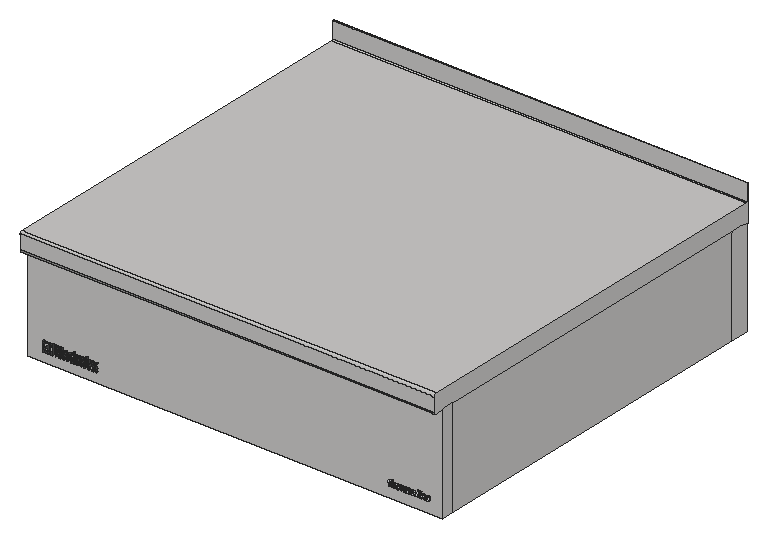
Revit family "QF_ELECTROLUXPROFESSIONAL_588568_MBNABBIOOO", category Attrezzature speciali, Revit 2020
Family settings
  Quota connettore circolare = Usa diametro
  Tipo di parte = Normale
  Basato su piano di lavoro = No
  Sempre verticale = Sì
  Taglio con vuoti quando caricato = No
  Condiviso = No
  Punto di calcolo locali = No
Parameters (values of type "Standard")
  Weight = 27.00 kg
  Watts = 0 W
  Volts = 0 V
  URL Manufacturer = "https://www.electroluxprofessional.com/"
  URL = "https://www.electroluxprofessional.com/"
  Steam Supply Size = 0"
  Steam Supply Minimum Pressure = 0.00 psi
  Steam Supply Maximum Pressure = 0.00 psi
  Steam Consumption per Hour = 0
  Refrigeration Suction Line Size = 0 mm
  Refrigeration Liquid Line Size = 0 mm
  Refrigerant Compressor Remote = yes
  Prospetto di default = 0 mm
  Phase = 0
  Modello = "MBNABBIOOO"
  Produttore = "Electrolux Professional"
  Length Actual = 900 mm  # constant formula
  Item Number = "588568"
  Hot Water Size = 0"
  Height Actual = 250 mm  # constant formula
  HP = "0 HP"
  Gas Size = 0"
  Gas KW = 0
  Gas Input Pressure = 0.0 Btu/h
  Direct Waste Size = 0"
  Descrizione = "WORK TOP,CLOSED,1-S,BACKSPL,900X850X250H"
  Depth Actual = 850 mm  # constant formula
  Cycle = 0 Hz
  Condensate Return Size = 0"
  Compressed Air Volume = 0 GPM
  Compressed Air Size = 0"
  Compressed Air Pressure = 0.00 psi
  Cold Water Size = 0"
  Accessory = yes
Reference planes
  plane 1 "BACK": y = 0
  plane 2: z = 0
  plane 3 "LEFT": x = 0
  plane 4 "RIGHT": x = 900
  plane 5 "FRONT": y = -850
  plane 6 "PLAIN": z = 900
  plane 7 "Center (Left/Right)": x = 450
  plane 8 "Center (Front/Back)": y = -425
  plane 9 "Grill": z = 888
  plane 10 "BASE": z = 650
  plane 11 "TOP": z = 938
  plane 12: x = 785
  plane 13: x = 35
Forms (mm)
  Extrusion 1, solid, material "QF_Finishes_Stainless Steel"
    sketch origin (0, 0, 650) x (0, 1, 0) y (0, 0, 1)
      loop
        line (0, 288) -> (-2, 288) -> (-2, 252)
        arc (-2, 252) -> (-2.586, 250.586) -> (-4, 250) r 2
        line (-4, 250) -> (-845, 250)
        arc (-845, 250) -> (-848.536, 248.536) -> (-850, 245) r 5
        line (-850, 245) -> (-850, 214)
        arc (-850, 214) -> (-848.571, 210.936) -> (-845.305, 210.061) r 4
        line (-845.305, 210.061) -> (-830, 212.969) -> (-20, 212.969) -> (-4.695, 210.061)
        arc (-4.695, 210.061) -> (-1.429, 210.936) -> (0, 214) r 4
        line (0, 214) -> (0, 288)
    from 0 to 900
  Extrusion 2, solid, material "QF_Finishes_Stainless Steel"
    sketch origin (450, 296.4, 1869.2) x (0, 1, 0) y (0, 0, 1)
      loop
        line (-299.4, -1009.461) -> (-316.4, -1006.231) -> (-341.4, -1006.231) -> (-341.4, -1219.2) -> (-299.4, -1219.2) -> (-299.4, -1009.461)
    from -450 to 450
  Extrusion 3, solid, material "QF_Finishes_Stainless Steel"
    sketch origin (0, 0, 650) x (0, 1, 0) y (0, 0, 1)
      loop
        line (-45, 212.969) -> (-805, 212.969) -> (-805, 0) -> (-45, 0) -> (-45, 212.969)
    from 0 to 900
  Extrusion 4, solid, material "QF_Finishes_Stainless Steel"
    sketch origin (0, 0, 0) x (0, 1, 0) y (0, 0, 1)
      loop
        line (-805, 862.969) -> (-830, 862.969) -> (-830, 650) -> (-805, 650) -> (-805, 862.969)
    from 0 to 900
Lines and regions (mm)
  symbolic lines
    curve 1: line (0, -850, 0) -> (0, 0, 0)
    curve 2: line (0, -850, 888) -> (900, -850, 888)
    curve 3: line (900, 0, 888) -> (0, 0, 888)
    curve 4: line (900, -850, 888) -> (900, 0, 888)
    curve 5: line (900, -2, 888) -> (0, -2, 888)
Dimensions and locks
  plane 3 "LEFT" to plane 4 "RIGHT" = 900 mm
  plane 5 "FRONT" to plane 1 "BACK" = 850 mm
  equal spacing: plane 3 "LEFT", plane 7 "Center (Left/Right)", plane 4 "RIGHT"
  equal spacing: plane 5 "FRONT", plane 8 "Center (Front/Back)", plane 1 "BACK"
  locked: plane 6 "PLAIN" to level at 900
  plane 6 "PLAIN" to plane 10 "BASE" = 250 mm
  plane 11 "TOP" to plane 6 "PLAIN" = 38 mm
  locked: plane 12 to plane 4 "RIGHT" at 115
  plane 13 to plane 3 "LEFT" = 35 mm
  aligned and locked: level to plane 2
  aligned and locked: Extrusion 4 to plane 3 "LEFT"
  aligned and locked: Extrusion 4 to plane 4 "RIGHT"
  aligned and locked: plane 3 "LEFT" to Extrusion 2
  aligned and locked: Extrusion 2 to plane 4 "RIGHT"
  aligned and locked: Extrusion 3 to plane 4 "RIGHT"
  aligned and locked: Extrusion 3 to plane 3 "LEFT"
  aligned and locked: Extrusion 1 to plane 3 "LEFT"
  aligned and locked: Extrusion 1 to plane 4 "RIGHT"
  aligned and locked: nested 1 to plane 12
Automatic sketch dimensions
  plane 1 "BACK" to curve 1 = 0 mm
  curve 1 to plane 3 "LEFT" = 0 mm
  plane 5 "FRONT" to curve 1 = 0 mm
  Extrusion 1 sketch curve to plane 5 "FRONT" = 0 mm
  Extrusion 1 sketch curve to plane 6 "PLAIN" = 0 mm
  Extrusion 1 sketch curve to plane 11 "TOP" = 0 mm
  Extrusion 1 sketch curve to plane 1 "BACK" = 0 mm
  Extrusion 1 sketch curve to Extrusion 1 sketch curve = 4 mm
  Extrusion 1 sketch curve to Extrusion 1 sketch curve = 0.695 mm
  Extrusion 1 sketch curve to Extrusion 1 sketch curve = 5 mm
  Extrusion 1 sketch curve to Extrusion 1 sketch curve = 15.305 mm
  plane 1 "BACK" to Extrusion 1 sketch curve = 20 mm
  plane 1 "BACK" to Extrusion 1 sketch curve = 4.695 mm
  plane 1 "BACK" to Extrusion 1 sketch curve = 4 mm  (x2)
  plane 1 "BACK" to Extrusion 1 sketch curve = 2 mm
  Extrusion 1 sketch curve to plane 9 "Grill" = 24 mm  (x2)
  Extrusion 1 sketch curve to Extrusion 1 sketch curve = 2.909 mm
  Extrusion 2 sketch curve to plane 10 "BASE" = 0 mm
  plane 1 "BACK" to Extrusion 2 sketch curve = 45 mm
  plane 1 "BACK" to Extrusion 2 sketch curve = 20 mm
  plane 1 "BACK" to Extrusion 2 sketch curve = 3 mm
  Extrusion 2 sketch curve to plane 9 "Grill" = 28.261 mm
  Extrusion 2 sketch curve to plane 9 "Grill" = 25.031 mm
  Extrusion 3 sketch curve to plane 10 "BASE" = 0 mm
  Extrusion 3 sketch curve to plane 5 "FRONT" = 45 mm
  plane 1 "BACK" to Extrusion 3 sketch curve = 45 mm
  Extrusion 3 sketch curve to plane 9 "Grill" = 25.031 mm
  curve 2 to plane 4 "RIGHT" = 0 mm
  plane 5 "FRONT" to curve 2 = 0 mm
  curve 5 to plane 3 "LEFT" = 0 mm
  plane 1 "BACK" to curve 4 = 0 mm
  curve 3 to plane 3 "LEFT" = 0 mm
  curve 2 to plane 3 "LEFT" = 0 mm
  curve 5 to curve 3 = 2 mm
  Extrusion 4 sketch curve to plane 10 "BASE" = 0 mm
  Extrusion 4 sketch curve to plane 5 "FRONT" = 20 mm
  Extrusion 4 sketch curve to Extrusion 4 sketch curve = 25 mm
  Extrusion 4 sketch curve to plane 9 "Grill" = 25.031 mm
Nested families
  nested 1: "ELX_ThermaLine_Small" at (824.867, -830, 680) x (1, 0, 0) z (0, -1, 0), type "ELX_ThermaLine_Small"
    with Show Logo yes, Material_Logo QF_Finishes_Black
  nested 2: "ELX_Professional_Logo_Small" at (94.486, -830, 682.232) x (1, 0, 0) z (0, -1, 0), type "ELX_Professional_Logo_Small"
    with Show Logo yes, Material_Logo QF_Finishes_Black
Definition of nested family "ELX_ThermaLine_Small"
  Parameters
    Show Logo [instance] = yes
    Material_Logo [instance] = none
    Default Elevation = 0 mm
  Reference planes
    plane 1 "Centro (Fronte/Retro)": y = 0
    plane 2: z = 0
    plane 3 "Centro (Sinistra/Destra)": x = 0
  Forms (mm)
    Extrusion 1, solid
      sketch origin (0, 0, 0) x (1, 0, 0) y (0, 1, 0)
        loop
          line (-1219.2, 1219.2) -> (-1219.2, -1219.2) -> (1219.2, -1219.2) -> (1219.2, 1219.2) -> (-1219.2, 1219.2)
      from 0 to -304.8
    Extrusion 2, solid
      sketch origin (0, 0, 0) x (1, 0, 0) y (0, 1, 0)
        loop
          line (-37.494, 1.229) -> (-35.908, 1.229) -> (-35.908, 3.066) -> (-37.494, 3.066) -> (-37.494, 6.221) -> (-39.867, 4.881) -> (-39.867, 3.066) -> (-40.969, 3.066) -> (-40.969, 1.229) -> (-39.867, 1.229) -> (-39.867, -3.407)
          arc (-39.867, -3.407) -> (-38.982, -5.513) -> (-36.751, -6.001) r 2.478
          line (-36.751, -6.001) -> (-35.638, -5.7) -> (-35.9, -3.835) -> (-36.661, -4.039)
          arc (-36.661, -4.039) -> (-37.236, -3.924) -> (-37.494, -3.399) r 0.662
          line (-37.494, -3.399) -> (-37.494, 1.229)
        loop
          line (-34.242, 6.539) -> (-34.242, -5.848) -> (-31.854, -5.848) -> (-31.854, -0.078)
          arc (-31.854, -0.078) -> (-30.939, 1.249) -> (-29.33, 1.367) r 1.866
          arc (-29.33, 1.367) -> (-28.695, 0.768) -> (-28.461, -0.073) r 1.627
          line (-28.461, -0.073) -> (-28.461, -5.848) -> (-26.086, -5.848) -> (-26.064, -0.46)
          arc (-26.064, -0.46) -> (-26.261, 0.932) -> (-26.786, 2.237) r 5.825
          arc (-26.786, 2.237) -> (-29.381, 3.264) -> (-31.854, 1.971) r 3.353
          line (-31.854, 1.971) -> (-31.854, 6.539) -> (-34.242, 6.539)
        loop
          arc (-18.398, -0.598) -> (-18.893, 0.879) -> (-20.326, 1.487) r 1.897
          arc (-20.326, 1.487) -> (-21.461, 0.708) -> (-21.897, -0.598) r 2.164
          line (-21.897, -0.598) -> (-18.398, -0.598)
        loop
          arc (-16.021, -2.044) -> (-16.754, 1.227) -> (-19.444, 3.226) r 4.814
          arc (-19.444, 3.226) -> (-22.137, 2.788) -> (-23.943, 0.743) r 4.054
          arc (-23.943, 0.743) -> (-24.382, -1.249) -> (-24.162, -3.276) r 6.289
          arc (-24.162, -3.276) -> (-23.302, -4.71) -> (-21.958, -5.705) r 4.28
          arc (-21.958, -5.705) -> (-18.558, -5.814) -> (-16.152, -3.409) r 4.28
          line (-16.152, -3.409) -> (-18.5, -2.995)
          arc (-18.5, -2.995) -> (-19.273, -3.994) -> (-20.533, -4.076) r 1.536
          arc (-20.533, -4.076) -> (-21.56, -3.281) -> (-21.958, -2.044) r 2.197
          line (-21.958, -2.044) -> (-16.021, -2.044)
        loop
          line (-14.165, -5.848) -> (-11.819, -5.848) -> (-11.819, -2.138)
          arc (-11.819, -2.138) -> (-11.787, -1.156) -> (-11.637, -0.185) r 8.18
          arc (-11.637, -0.185) -> (-10.644, 0.972) -> (-9.132, 0.776) r 1.603
          line (-9.132, 0.776) -> (-8.419, 2.846)
          arc (-8.419, 2.846) -> (-10.432, 3.118) -> (-11.994, 1.821) r 2.527
          line (-11.994, 1.821) -> (-11.994, 3.094) -> (-14.165, 3.094) -> (-14.165, -5.848)
        loop
          line (-7.579, 3.094) -> (-7.579, -5.848) -> (-5.178, -5.848) -> (-5.178, -0.756)
          arc (-5.178, -0.756) -> (-4.727, 0.679) -> (-3.417, 1.419) r 2.05
          arc (-3.417, 1.419) -> (-2.499, 0.908) -> (-2.155, -0.085) r 1.471
          line (-2.155, -0.085) -> (-2.155, -5.848) -> (0.23, -5.848) -> (0.23, -1.001)
          arc (0.23, -1.001) -> (0.47, 0.127) -> (1.148, 1.061) r 2.775
          arc (1.148, 1.061) -> (2.225, 1.329) -> (3.05, 0.587) r 1.182
          arc (3.05, 0.587) -> (3.199, -0.019) -> (3.214, -0.642) r 2.894
          line (3.214, -0.642) -> (3.214, -5.848) -> (5.601, -5.848) -> (5.601, 0.261)
          arc (5.601, 0.261) -> (4.87, 2.263) -> (2.976, 3.241) r 2.932
          arc (2.976, 3.241) -> (1.284, 2.973) -> (-0.047, 1.896) r 3.309
          arc (-0.047, 1.896) -> (-1.116, 2.865) -> (-2.506, 3.258) r 3.16
          arc (-2.506, 3.258) -> (-4.105, 2.942) -> (-5.376, 1.92) r 3.419
          line (-5.376, 1.92) -> (-5.376, 3.094) -> (-7.579, 3.094)
        loop
          line (7.583, 0.738) -> (9.702, 0.364)
          arc (9.702, 0.364) -> (11.441, 1.492) -> (12.855, -0.023) r 1.613
          line (12.855, -0.023) -> (9.782, -0.789)
          arc (9.782, -0.789) -> (8.559, -1.346) -> (7.617, -2.305) r 3.687
          arc (7.617, -2.305) -> (7.499, -3.681) -> (7.901, -5.003) r 3.651
          arc (7.901, -5.003) -> (9.107, -5.766) -> (10.515, -6.006) r 3.635
          arc (10.515, -6.006) -> (11.898, -5.697) -> (13.067, -4.895) r 3.734
          line (13.067, -4.895) -> (13.376, -5.848) -> (15.75, -5.848) -> (15.212, -4.193) -> (15.212, 0.38)
          arc (15.212, 0.38) -> (14.897, 1.849) -> (13.818, 2.895) r 2.585
          arc (13.818, 2.895) -> (11.792, 3.442) -> (9.719, 3.11) r 5.005
          arc (9.719, 3.11) -> (8.369, 2.178) -> (7.583, 0.738) r 3.54
        loop
          line (19.723, -5.848) -> (22.233, -5.848) -> (24.854, 6.484) -> (22.345, 6.484) -> (19.723, -5.848)
        loop
          line (24.583, -5.848) -> (26.953, -5.848) -> (28.848, 3.066) -> (26.478, 3.066) -> (24.583, -5.848)
        loop
          line (27.204, 6.484) -> (26.741, 4.305) -> (29.111, 4.305) -> (29.575, 6.484) -> (27.204, 6.484)
        loop
          line (29.355, -5.848) -> (31.849, -5.848) -> (33.098, 0.028)
          arc (33.098, 0.028) -> (34.169, 1.306) -> (35.832, 1.422) r 2.132
          arc (35.832, 1.422) -> (36.324, 0.752) -> (36.383, -0.078) r 1.5
          line (36.383, -0.078) -> (35.157, -5.848) -> (37.536, -5.848) -> (38.936, 0.738)
          arc (38.936, 0.738) -> (38.775, 2.091) -> (37.825, 3.066) r 2.118
          arc (37.825, 3.066) -> (35.392, 3.175) -> (33.295, 1.937) r 4.271
          line (33.295, 1.937) -> (33.535, 3.066) -> (31.25, 3.066) -> (29.355, -5.848)
        loop
          line (42.792, -0.64) -> (46.589, -0.64)
          arc (46.589, -0.64) -> (46.639, 0.124) -> (46.327, 0.823) r 1.589
          arc (46.327, 0.823) -> (45.117, 1.521) -> (43.762, 1.183) r 1.865
          arc (43.762, 1.183) -> (43.141, 0.344) -> (42.792, -0.64) r 3.538
        loop
          line (42.565, -2.138) -> (48.593, -2.138)
          arc (48.593, -2.138) -> (48.58, 0.597) -> (46.983, 2.818) r 4.494
          arc (46.983, 2.818) -> (44.191, 3.28) -> (41.725, 1.891) r 4.26
          arc (41.725, 1.891) -> (40.503, -0.3) -> (40.284, -2.799) r 6.003
          arc (40.284, -2.799) -> (40.959, -4.468) -> (42.377, -5.576) r 3.482
          arc (42.377, -5.576) -> (44.265, -5.961) -> (46.152, -5.576) r 4.823
          arc (46.152, -5.576) -> (47.432, -4.731) -> (48.328, -3.485) r 4.245
          line (48.328, -3.485) -> (46.168, -3.105)
          arc (46.168, -3.105) -> (45.214, -4.072) -> (43.859, -4.181) r 1.953
          arc (43.859, -4.181) -> (42.821, -3.408) -> (42.565, -2.138) r 1.81
        loop
          line (12.868, -1.553) -> (10.216, -2.214)
          arc (10.216, -2.214) -> (9.747, -3.136) -> (10.216, -4.058) r 1.14
          arc (10.216, -4.058) -> (11.537, -4.249) -> (12.614, -3.46) r 1.763
          arc (12.614, -3.46) -> (12.858, -2.522) -> (12.868, -1.553) r 3.97
      from 0 to 1.6
  Dimensions and locks
    aligned and locked: plane 2 to Extrusion 1
    aligned and locked: level to Extrusion 1
Definition of nested family "ELX_Professional_Logo_Small"
  Parameters
    Show Logo [instance] = yes
    Material_Logo [instance] = none
    Default Elevation = 0 mm
  Reference planes
    plane 1 "Centro (Fronte/Retro)": y = 0
    plane 2: z = 0
    plane 3 "Centro (Sinistra/Destra)": x = 0
  Forms (mm)
    Extrusion 1, solid
      sketch origin (0, 0, 0) x (1, 0, 0) y (0, 1, 0)
        loop
          line (-1219.2, 1219.2) -> (-1219.2, -1219.2) -> (1219.2, -1219.2) -> (1219.2, 1219.2) -> (-1219.2, 1219.2)
      from 0 to -304.8
    Extrusion 2, solid, material <- "Material_Logo"
      sketch origin (15.5, 0, 0) x (1, 0, 0) y (0, 1, 0)
        loop
          spline (-42.99, -1.24) -> (-43.195, -1.231) -> (-43.415, -1.203) -> (-43.642, -1.152) -> (-43.87, -1.074) -> (-44.095, -0.966) -> (-44.309, -0.825) -> (-44.506, -0.647) -> (-44.681, -0.429) -> (-44.828, -0.167) -> (-44.94, 0.142) -> (-45.011, 0.501) -> (-45.037, 0.915)
          line (-45.037, 0.915) -> (-45.037, 2.748) -> (-38.984, 2.748) -> (-38.984, 5.086) -> (-45.038, 5.086) -> (-45.038, 8.489) -> (-38.599, 8.489) -> (-38.599, 10.82) -> (-47.515, 10.82) -> (-47.515, 1.021)
          spline (-47.515, 1.021) -> (-47.493, 0.418) -> (-47.425, -0.15) -> (-47.311, -0.682) -> (-47.15, -1.175) -> (-46.939, -1.628) -> (-46.678, -2.038) -> (-46.365, -2.404) -> (-46, -2.723) -> (-45.58, -2.995) -> (-45.105, -3.216) -> (-44.573, -3.385) -> (-43.983, -3.499)
          line (-43.983, -3.499) -> (-43.01, -3.569) -> (-38.426, -3.569) -> (-38.426, -1.24) -> (-42.99, -1.24)
        loop
          line (-36.666, 4.021) -> (-36.666, -3.573) -> (-34.188, -3.573) -> (-34.188, 10.824) -> (-36.666, 10.824) -> (-36.666, 4.021)
        loop
          spline (-21.915, 1.897) -> (-21.957, 2.615) -> (-22.082, 3.303) -> (-22.285, 3.955) -> (-22.563, 4.564) -> (-22.913, 5.124) -> (-23.331, 5.629) -> (-23.814, 6.074) -> (-24.359, 6.451) -> (-24.961, 6.755) -> (-25.618, 6.98) -> (-26.326, 7.119) -> (-27.081, 7.167)
          spline (-27.081, 7.167) -> (-27.853, 7.122) -> (-28.586, 6.99) -> (-29.275, 6.774) -> (-29.915, 6.478) -> (-30.5, 6.104) -> (-31.024, 5.657) -> (-31.483, 5.138) -> (-31.871, 4.553) -> (-32.182, 3.904) -> (-32.411, 3.194) -> (-32.552, 2.427) -> (-32.6, 1.606)
          spline (-32.6, 1.606) -> (-32.553, 0.805) -> (-32.416, 0.057) -> (-32.193, -0.637) -> (-31.887, -1.271) -> (-31.504, -1.843) -> (-31.048, -2.35) -> (-30.523, -2.788) -> (-29.934, -3.154) -> (-29.284, -3.444) -> (-28.579, -3.656) -> (-27.822, -3.785) -> (-27.019, -3.829)
          spline (-27.019, -3.829) -> (-26.627, -3.82) -> (-26.239, -3.79) -> (-25.856, -3.739) -> (-25.477, -3.663) -> (-25.103, -3.562) -> (-24.734, -3.432) -> (-24.369, -3.273) -> (-24.01, -3.082) -> (-23.655, -2.858) -> (-23.305, -2.597) -> (-22.96, -2.299) -> (-22.621, -1.962)
          line (-22.621, -1.962) -> (-24.114, -0.509)
          spline (-24.114, -0.509) -> (-24.311, -0.699) -> (-24.509, -0.872) -> (-24.71, -1.03) -> (-24.915, -1.172) -> (-25.126, -1.297) -> (-25.346, -1.407) -> (-25.576, -1.5) -> (-25.817, -1.576) -> (-26.072, -1.636) -> (-26.342, -1.678) -> (-26.629, -1.704) -> (-26.936, -1.713)
          spline (-26.936, -1.713) -> (-27.384, -1.691) -> (-27.805, -1.625) -> (-28.196, -1.518) -> (-28.556, -1.372) -> (-28.882, -1.187) -> (-29.174, -0.966) -> (-29.429, -0.71) -> (-29.645, -0.422) -> (-29.821, -0.102) -> (-29.955, 0.247) -> (-30.045, 0.623) -> (-30.089, 1.026)
          line (-30.089, 1.026) -> (-21.956, 1.026) -> (-21.915, 1.897)
        loop
          spline (-24.446, 2.769) -> (-24.47, 3.075) -> (-24.54, 3.37) -> (-24.654, 3.65) -> (-24.807, 3.913) -> (-24.996, 4.156) -> (-25.219, 4.376) -> (-25.472, 4.57) -> (-25.753, 4.736) -> (-26.057, 4.869) -> (-26.382, 4.968) -> (-26.724, 5.03) -> (-27.081, 5.051)
          spline (-27.081, 5.051) -> (-27.464, 5.03) -> (-27.832, 4.97) -> (-28.183, 4.872) -> (-28.513, 4.74) -> (-28.819, 4.577) -> (-29.099, 4.384) -> (-29.347, 4.165) -> (-29.563, 3.923) -> (-29.742, 3.659) -> (-29.881, 3.377) -> (-29.977, 3.079) -> (-30.027, 2.769)
          line (-30.027, 2.769) -> (-24.446, 2.769)
        loop
          spline (-18.167, 1.669) -> (-18.138, 2.13) -> (-18.055, 2.567) -> (-17.921, 2.978) -> (-17.739, 3.358) -> (-17.512, 3.705) -> (-17.243, 4.016) -> (-16.937, 4.287) -> (-16.596, 4.517) -> (-16.223, 4.7) -> (-15.823, 4.835) -> (-15.398, 4.919) -> (-14.951, 4.947)
          spline (-14.951, 4.947) -> (-14.677, 4.938) -> (-14.414, 4.913) -> (-14.162, 4.871) -> (-13.921, 4.812) -> (-13.69, 4.738) -> (-13.467, 4.649) -> (-13.254, 4.544) -> (-13.048, 4.424) -> (-12.85, 4.291) -> (-12.659, 4.143) -> (-12.474, 3.981) -> (-12.295, 3.806)
          line (-12.295, 3.806) -> (-10.76, 5.403)
          spline (-10.76, 5.403) -> (-11.065, 5.709) -> (-11.38, 5.984) -> (-11.703, 6.228) -> (-12.035, 6.443) -> (-12.375, 6.63) -> (-12.723, 6.788) -> (-13.078, 6.92) -> (-13.44, 7.026) -> (-13.809, 7.107) -> (-14.184, 7.164) -> (-14.564, 7.198) -> (-14.951, 7.209)
          spline (-14.951, 7.209) -> (-15.725, 7.161) -> (-16.467, 7.02) -> (-17.169, 6.792) -> (-17.826, 6.482) -> (-18.43, 6.096) -> (-18.976, 5.637) -> (-19.455, 5.112) -> (-19.862, 4.525) -> (-20.19, 3.882) -> (-20.433, 3.189) -> (-20.584, 2.449) -> (-20.635, 1.669)
          spline (-20.635, 1.669) -> (-20.584, 0.889) -> (-20.433, 0.149) -> (-20.19, -0.545) -> (-19.862, -1.187) -> (-19.455, -1.774) -> (-18.976, -2.299) -> (-18.43, -2.758) -> (-17.826, -3.145) -> (-17.169, -3.454) -> (-16.467, -3.682) -> (-15.725, -3.823) -> (-14.951, -3.871)
          spline (-14.951, -3.871) -> (-14.564, -3.86) -> (-14.184, -3.826) -> (-13.809, -3.77) -> (-13.44, -3.689) -> (-13.078, -3.583) -> (-12.723, -3.451) -> (-12.375, -3.292) -> (-12.035, -3.105) -> (-11.703, -2.89) -> (-11.38, -2.646) -> (-11.065, -2.371) -> (-10.76, -2.066)
          line (-10.76, -2.066) -> (-12.295, -0.468)
          spline (-12.295, -0.468) -> (-12.474, -0.643) -> (-12.659, -0.805) -> (-12.85, -0.953) -> (-13.048, -1.087) -> (-13.254, -1.206) -> (-13.467, -1.311) -> (-13.69, -1.4) -> (-13.921, -1.475) -> (-14.162, -1.533) -> (-14.414, -1.575) -> (-14.677, -1.6) -> (-14.951, -1.609)
          spline (-14.951, -1.609) -> (-15.398, -1.581) -> (-15.823, -1.497) -> (-16.223, -1.362) -> (-16.596, -1.179) -> (-16.937, -0.95) -> (-17.243, -0.678) -> (-17.512, -0.367) -> (-17.739, -0.02) -> (-17.921, 0.36) -> (-18.055, 0.771) -> (-18.138, 1.208) -> (-18.167, 1.669)
        loop
          spline (-4.441, -1.243) -> (-4.659, -1.247) -> (-4.894, -1.23) -> (-5.137, -1.19) -> (-5.384, -1.121) -> (-5.628, -1.021) -> (-5.864, -0.884) -> (-6.084, -0.708) -> (-6.283, -0.488) -> (-6.454, -0.219) -> (-6.592, 0.101) -> (-6.69, 0.478) -> (-6.742, 0.914)
          line (-6.742, 0.914) -> (-6.742, 4.587) -> (-4.487, 4.587) -> (-4.487, 6.838) -> (-6.738, 6.838) -> (-6.738, 10.824) -> (-9.217, 10.824) -> (-9.217, 0.773)
          spline (-9.217, 0.773) -> (-9.164, 0.19) -> (-9.068, -0.358) -> (-8.928, -0.87) -> (-8.742, -1.343) -> (-8.511, -1.777) -> (-8.232, -2.168) -> (-7.904, -2.515) -> (-7.527, -2.816) -> (-7.098, -3.069) -> (-6.618, -3.273) -> (-6.084, -3.426) -> (-5.496, -3.525)
          line (-5.496, -3.525) -> (-4.45, -3.573) -> (-4.441, -1.243)
        loop
          spline (3.898, 6.983) -> (3.469, 7.009) -> (3.056, 7.001) -> (2.661, 6.961) -> (2.283, 6.888) -> (1.925, 6.785) -> (1.588, 6.652) -> (1.272, 6.49) -> (0.979, 6.301) -> (0.71, 6.085) -> (0.465, 5.844) -> (0.247, 5.578) -> (0.056, 5.289)
          line (0.056, 5.289) -> (0.056, 6.838) -> (-2.402, 6.838) -> (-2.402, -3.572) -> (0.056, -3.572) -> (0.056, 1.901)
          spline (0.056, 1.901) -> (0.079, 2.316) -> (0.145, 2.703) -> (0.254, 3.06) -> (0.404, 3.386) -> (0.592, 3.679) -> (0.818, 3.938) -> (1.08, 4.162) -> (1.375, 4.348) -> (1.703, 4.495) -> (2.062, 4.602) -> (2.45, 4.668) -> (2.865, 4.69)
          line (2.865, 4.69) -> (3.898, 4.586) -> (3.898, 6.983)
        loop
          spline (15.638, 1.633) -> (15.586, 2.396) -> (15.435, 3.124) -> (15.192, 3.81) -> (14.863, 4.449) -> (14.455, 5.034) -> (13.975, 5.56) -> (13.43, 6.021) -> (12.826, 6.411) -> (12.17, 6.724) -> (11.469, 6.955) -> (10.729, 7.098) -> (9.958, 7.147)
          spline (9.958, 7.147) -> (9.182, 7.098) -> (8.44, 6.955) -> (7.737, 6.724) -> (7.081, 6.411) -> (6.477, 6.021) -> (5.933, 5.56) -> (5.454, 5.034) -> (5.048, 4.449) -> (4.721, 3.81) -> (4.479, 3.124) -> (4.329, 2.396) -> (4.277, 1.633)
          spline (4.277, 1.633) -> (4.329, 0.869) -> (4.479, 0.141) -> (4.721, -0.544) -> (5.048, -1.183) -> (5.454, -1.768) -> (5.933, -2.294) -> (6.477, -2.755) -> (7.081, -3.145) -> (7.737, -3.459) -> (8.44, -3.69) -> (9.182, -3.833) -> (9.958, -3.882)
          spline (9.958, -3.882) -> (10.729, -3.833) -> (11.469, -3.69) -> (12.17, -3.459) -> (12.826, -3.145) -> (13.43, -2.755) -> (13.975, -2.294) -> (14.455, -1.768) -> (14.863, -1.183) -> (15.192, -0.544) -> (15.435, 0.141) -> (15.586, 0.869) -> (15.638, 1.633)
        loop
          spline (13.18, 1.633) -> (13.151, 2.083) -> (13.067, 2.513) -> (12.932, 2.918) -> (12.748, 3.296) -> (12.52, 3.642) -> (12.251, 3.954) -> (11.943, 4.227) -> (11.601, 4.459) -> (11.228, 4.645) -> (10.828, 4.782) -> (10.403, 4.867) -> (9.958, 4.896)
          spline (9.958, 4.896) -> (9.509, 4.867) -> (9.081, 4.782) -> (8.679, 4.645) -> (8.306, 4.459) -> (7.964, 4.227) -> (7.658, 3.954) -> (7.39, 3.642) -> (7.163, 3.296) -> (6.981, 2.918) -> (6.847, 2.513) -> (6.765, 2.083) -> (6.736, 1.633)
          spline (6.736, 1.633) -> (6.765, 1.182) -> (6.847, 0.753) -> (6.981, 0.347) -> (7.163, -0.031) -> (7.39, -0.377) -> (7.658, -0.689) -> (7.964, -0.962) -> (8.306, -1.193) -> (8.679, -1.38) -> (9.081, -1.517) -> (9.509, -1.602) -> (9.958, -1.631)
          spline (9.958, -1.631) -> (10.403, -1.602) -> (10.828, -1.517) -> (11.228, -1.38) -> (11.601, -1.193) -> (11.943, -0.962) -> (12.251, -0.689) -> (12.52, -0.377) -> (12.748, -0.031) -> (12.932, 0.347) -> (13.067, 0.753) -> (13.151, 1.182) -> (13.18, 1.633)
        loop
          line (17.162, 4.269) -> (17.162, -3.573) -> (19.642, -3.573) -> (19.642, 10.824) -> (17.162, 10.824) -> (17.162, 4.269)
        loop
          line (28.581, 6.838) -> (28.581, 0.786)
          spline (28.581, 0.786) -> (28.561, 0.393) -> (28.503, 0.038) -> (28.409, -0.279) -> (28.281, -0.559) -> (28.122, -0.802) -> (27.933, -1.011) -> (27.717, -1.185) -> (27.476, -1.325) -> (27.213, -1.433) -> (26.929, -1.509) -> (26.626, -1.554) -> (26.308, -1.569)
          spline (26.308, -1.569) -> (25.99, -1.554) -> (25.688, -1.509) -> (25.404, -1.434) -> (25.141, -1.326) -> (24.9, -1.187) -> (24.684, -1.014) -> (24.496, -0.807) -> (24.336, -0.565) -> (24.209, -0.288) -> (24.115, 0.026) -> (24.057, 0.376) -> (24.037, 0.765)
          line (24.037, 0.765) -> (24.037, 6.838) -> (21.537, 6.838) -> (21.537, 0.558)
          spline (21.537, 0.558) -> (21.581, -0.153) -> (21.71, -0.8) -> (21.916, -1.384) -> (22.195, -1.904) -> (22.54, -2.362) -> (22.944, -2.757) -> (23.403, -3.09) -> (23.909, -3.362) -> (24.456, -3.572) -> (25.04, -3.722) -> (25.652, -3.811) -> (26.288, -3.841)
          spline (26.288, -3.841) -> (26.929, -3.811) -> (27.547, -3.72) -> (28.135, -3.568) -> (28.687, -3.355) -> (29.197, -3.079) -> (29.66, -2.741) -> (30.068, -2.341) -> (30.415, -1.877) -> (30.696, -1.349) -> (30.905, -0.757) -> (31.034, -0.101) -> (31.079, 0.621)
          line (31.079, 0.621) -> (31.079, 6.838) -> (28.581, 6.838)
        loop
          line (40.457, -0.243) -> (38.894, 1.942) -> (40.83, 4.579) -> (42.488, 6.837) -> (39.782, 6.837) -> (37.53, 3.719) -> (35.258, 6.837) -> (32.573, 6.837) -> (34.113, 4.731) -> (36.167, 1.922) -> (34.014, -1.076) -> (32.222, -3.573) -> (34.887, -3.573) -> (37.53, 0.104) -> (40.174, -3.573) -> (42.839, -3.573) -> (40.457, -0.243)
        loop
          line (-46.121, -5.837) -> (-48.039, -5.837) -> (-48.039, -10.814) -> (-47.016, -10.814) -> (-47.016, -9.128) -> (-46.121, -9.128)
          arc (-46.121, -9.128) -> (-44.476, -7.482) -> (-46.121, -5.837) r 1.645
        loop
          line (-46.163, -6.778) -> (-47.016, -6.778) -> (-47.016, -8.187) -> (-46.163, -8.187)
          arc (-46.163, -8.187) -> (-45.458, -7.482) -> (-46.163, -6.778) r 0.704
        loop
          line (-38.313, -5.837) -> (-40.265, -5.837) -> (-40.265, -10.814) -> (-39.241, -10.814) -> (-39.241, -9.1) -> (-38.46, -9.182) -> (-37.48, -10.814) -> (-36.318, -10.814) -> (-37.513, -8.848)
          arc (-37.513, -8.848) -> (-36.888, -8.266) -> (-36.671, -7.441) r 1.536
          arc (-36.671, -7.441) -> (-37.165, -6.305) -> (-38.313, -5.837) r 1.643
        loop
          arc (-38.402, -8.166) -> (-37.707, -7.505) -> (-38.334, -6.778) r 0.696
          line (-38.334, -6.778) -> (-39.241, -6.778) -> (-39.241, -8.166) -> (-38.402, -8.166)
        loop
          circle (-29.965, -8.325) r 2.585
        loop
          circle (-29.965, -8.325) r 1.64
        loop
          line (-23.1, -5.837) -> (-23.1, -10.814) -> (-22.076, -10.814) -> (-22.076, -8.768) -> (-20.204, -8.768) -> (-20.204, -7.828) -> (-22.076, -7.828) -> (-22.076, -6.778) -> (-20.024, -6.778) -> (-20.024, -5.837) -> (-23.1, -5.837)
        loop
          line (-15.802, -5.837) -> (-15.802, -9.2)
          arc (-15.802, -9.2) -> (-15.343, -10.34) -> (-14.209, -10.814) r 1.593
          line (-14.209, -10.814) -> (-12.602, -10.814) -> (-12.602, -10.027) -> (-14.004, -10.027)
          arc (-14.004, -10.027) -> (-14.552, -9.8) -> (-14.779, -9.252) r 0.775
          line (-14.779, -9.252) -> (-14.779, -8.424) -> (-12.789, -8.424) -> (-12.789, -7.642) -> (-14.779, -7.642) -> (-14.779, -6.778) -> (-12.651, -6.778) -> (-12.651, -5.837) -> (-15.802, -5.837)
        loop
          line (-5.909, -7.143) -> (-5.173, -6.638)
          arc (-5.173, -6.638) -> (-5.855, -5.974) -> (-6.781, -5.755) r 1.782
          arc (-6.781, -5.755) -> (-7.397, -5.878) -> (-7.944, -6.189) r 1.974
          arc (-7.944, -6.189) -> (-8.202, -6.5) -> (-8.317, -6.888) r 1.013
          arc (-8.317, -6.888) -> (-8.306, -7.341) -> (-8.192, -7.78) r 1.985
          arc (-8.192, -7.78) -> (-7.749, -8.259) -> (-7.171, -8.563) r 1.928
          arc (-7.171, -8.563) -> (-6.637, -8.779) -> (-6.131, -9.056) r 5.041
          arc (-6.131, -9.056) -> (-5.934, -9.387) -> (-6.09, -9.74) r 0.42
          arc (-6.09, -9.74) -> (-6.631, -9.96) -> (-7.204, -9.845) r 1.016
          arc (-7.204, -9.845) -> (-7.625, -9.603) -> (-7.889, -9.196) r 1.033
          line (-7.889, -9.196) -> (-8.67, -9.686)
          arc (-8.67, -9.686) -> (-8.361, -10.198) -> (-7.908, -10.589) r 1.914
          arc (-7.908, -10.589) -> (-7.334, -10.834) -> (-6.714, -10.896) r 2.063
          arc (-6.714, -10.896) -> (-5.947, -10.743) -> (-5.256, -10.376) r 2.696
          arc (-5.256, -10.376) -> (-4.95, -9.565) -> (-5.108, -8.712) r 1.618
          arc (-5.108, -8.712) -> (-5.448, -8.319) -> (-5.884, -8.035) r 1.876
          arc (-5.884, -8.035) -> (-6.434, -7.789) -> (-6.999, -7.577) r 9.883
          arc (-6.999, -7.577) -> (-7.325, -7.07) -> (-6.854, -6.694) r 0.45
          arc (-6.854, -6.694) -> (-6.329, -6.809) -> (-5.909, -7.143) r 1.197
        loop
          line (1.61, -7.143) -> (2.345, -6.638)
          arc (2.345, -6.638) -> (1.663, -5.974) -> (0.737, -5.755) r 1.782
          arc (0.737, -5.755) -> (0.121, -5.878) -> (-0.425, -6.189) r 1.974
          arc (-0.425, -6.189) -> (-0.683, -6.5) -> (-0.799, -6.888) r 1.013
          arc (-0.799, -6.888) -> (-0.788, -7.341) -> (-0.674, -7.78) r 1.985
          arc (-0.674, -7.78) -> (-0.231, -8.259) -> (0.347, -8.563) r 1.928
          arc (0.347, -8.563) -> (0.881, -8.779) -> (1.387, -9.056) r 5.041
          arc (1.387, -9.056) -> (1.584, -9.387) -> (1.428, -9.74) r 0.42
          arc (1.428, -9.74) -> (0.887, -9.96) -> (0.314, -9.845) r 1.016
          arc (0.314, -9.845) -> (-0.107, -9.603) -> (-0.371, -9.196) r 1.033
          line (-0.371, -9.196) -> (-1.152, -9.686)
          arc (-1.152, -9.686) -> (-0.842, -10.198) -> (-0.39, -10.589) r 1.914
          arc (-0.39, -10.589) -> (0.184, -10.834) -> (0.804, -10.896) r 2.063
          arc (0.804, -10.896) -> (1.572, -10.743) -> (2.263, -10.376) r 2.696
          arc (2.263, -10.376) -> (2.568, -9.565) -> (2.411, -8.712) r 1.618
          arc (2.411, -8.712) -> (2.07, -8.319) -> (1.635, -8.035) r 1.876
          arc (1.635, -8.035) -> (1.084, -7.789) -> (0.519, -7.577) r 9.883
          arc (0.519, -7.577) -> (0.193, -7.07) -> (0.665, -6.694) r 0.45
          arc (0.665, -6.694) -> (1.189, -6.809) -> (1.61, -7.143) r 1.197
        loop
          line (6.801, -5.837) -> (6.801, -10.814) -> (7.825, -10.814) -> (7.825, -5.837) -> (6.801, -5.837)
        loop
          circle (14.724, -8.325) r 1.548
        loop
          circle (14.724, -8.325) r 2.585
        loop
          line (21.59, -10.814) -> (22.623, -10.814) -> (22.623, -7.685) -> (24.9, -10.814) -> (25.895, -10.814) -> (25.895, -5.837) -> (24.861, -5.837) -> (24.861, -9.061) -> (22.585, -5.837) -> (21.59, -5.837) -> (21.59, -10.814)
        loop
          line (31.054, -10.814) -> (31.539, -9.74) -> (33.38, -9.74) -> (33.865, -10.814) -> (34.965, -10.814) -> (32.46, -5.837) -> (29.956, -10.814) -> (31.054, -10.814)
        loop
          line (32.46, -7.698) -> (31.999, -8.719) -> (32.921, -8.719) -> (32.46, -7.698)
        loop
          line (40.047, -9.873) -> (40.047, -5.837) -> (39.024, -5.837) -> (39.024, -10.814) -> (41.961, -10.814) -> (41.961, -9.873) -> (40.047, -9.873)
        loop
          line (-74.986, -10.814) -> (-53.322, -10.814) -> (-53.322, 10.82) -> (-74.986, 10.82) -> (-74.986, -10.814)
        loop
          line (-61.261, 9.758) -> (-61.261, -9.707)
          arc (-61.261, -9.707) -> (-54.066, 0.025) -> (-61.261, 9.758) r 10.18
        loop
          line (-62.251, 8.349) -> (-62.251, 9.758)
          arc (-62.251, 9.758) -> (-70.347, 7.918) -> (-74.247, 0.59) r 9.976
          line (-74.247, 0.59) -> (-71.026, 0.59)
          arc (-71.026, 0.59) -> (-65.274, 2.925) -> (-62.251, 8.349) r 9.351
        loop
          arc (-74.247, -0.539) -> (-70.353, -7.928) -> (-62.251, -9.957) r 10.237
          line (-62.251, -9.957) -> (-62.251, -8.298)
          arc (-62.251, -8.298) -> (-65.274, -2.874) -> (-71.026, -0.539) r 9.351
          line (-71.026, -0.539) -> (-74.247, -0.539)
      from 0 to 1.644
  Dimensions and locks
    aligned and locked: plane 2 to Extrusion 1
    aligned and locked: level to Extrusion 1
